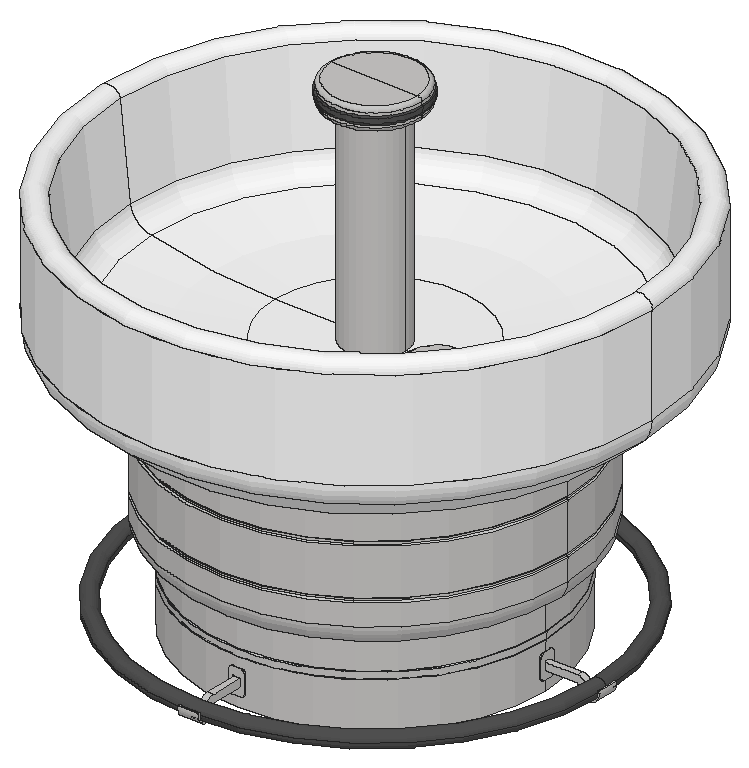
Revit family "Washfountain_Lavatory-Bradley_Corp-WF2605-Type_B_Drain", category Plumbing Fixtures, Revit 2012
Parameters (values of type "Juvenile")
  Width = 36.000"
  Warranty Information = ""
  WFU = 0
  Voltage = 110 V
  Version = "2.0"
  Vent Radius = Vent / 2  # 3/4"
  Vent Height [instance] = if(and(Sensor Module, Soap Dispenser, Towel Dispenser, Model ID = 2), 69.313", if(and(Sensor Module, Soap Dispenser, No Towel Dispenser, Model ID = 2), 47.625", if(and(Sensor Module, No Soap Dispenser, No Towel Dispenser, Model ID = 2), 39.125", if(and(Sensor Module, No Soap Dispenser, Towel Dispenser, Model ID = 2), 69.313", if(and(No Sensor Module, No Soap Dispenser, No Towel Dispenser, Model ID = 2), 35.625", if(and(No Sensor Module, No Soap Dispenser, Towel Dispenser, Model ID = 2), 65.813", if(and(No Sensor Module, Soap Dispenser, No Towel Dispenser, Model ID = 2), 44.125", if(and(No Sensor Module, Soap Dispenser, Towel Dispenser, Model ID = 2), 65.813", if(and(Sensor Module, Soap Dispenser, Towel Dispenser, Model ID = 1), 65.313", if(and(Sensor Module, Soap Dispenser, No Towel Dispenser, Model ID = 1), 43.625", if(and(Sensor Module, No Soap Dispenser, No Towel Dispenser, Model ID = 1), 35.125", if(and(Sensor Module, No Soap Dispenser, Towel Dispenser, Model ID = 1), 69.313", if(and(No Sensor Module, No Soap Dispenser, No Towel Dispenser, Model ID = 1), 31.625", if(and(No Sensor Module, No Soap Dispenser, Towel Dispenser, Model ID = 1), 61.813", if(and(No Sensor Module, Soap Dispenser, No Towel Dispenser, Model ID = 1), 40.125", 61.813")))))))))))))))  # 31.625"
  Vent = 1 1/2"
  URL = "http://www.bradleycorp.com/"
  Towel Dispenser Holder [instance] = if((Soap Dispenser), 5.375", 13.875")  # 13.875"
  Towel Dispenser Height [instance] = if(and(Soap Dispenser, Sensor Module, Model ID = 2), 53.000", if(and(No Soap Dispenser, Sensor Module, Model ID = 2), 53.000", if(and(Soap Dispenser, No Sensor Module, Model ID = 2), 49.500", if(and(No Soap Dispenser, No Sensor Module, Model ID = 2), 49.500", if(and(Soap Dispenser, Sensor Module, Model ID = 1), 49.000", if(and(No Soap Dispenser, Sensor Module, Model ID = 1), 49.000", if(and(Soap Dispenser, No Sensor Module, Model ID = 1), 45.500", 45.500")))))))  # 45.500"
  TouchTime® Control [instance] = no
  Technical Data = ""
  Standard Height = Model ID = 2  # no
  Spray Head Height = 31.625"
  Specifications URL = "http://www.bradleycorp.com/3partspec"
  Soap Dispenser Holder [instance] = 2.500"  # constant formula
  Soap Dispenser Height [instance] = if(and(No Sensor Module, Model ID = 2), 44.125", if(and(Sensor Module, Model ID = 2), 47.625", if(and(No Sensor Module, Model ID = 1), 40.125", 43.625")))  # 40.125"
  Sensor Module Height = 35.125"
  Sensor Module [instance] = or(not(Foot Control Valve), TouchTime® Control, Air Valve Hand Control, Adaptive Infrared Activation Control)  # no
  Rim Height = 25.250"
  Product Tech Data URL - Spanish = ""
  Product Tech Data URL - French = ""
  Product Tech Data URL - English = "http://bradleycorp.com/download/1843/2019.pdf"
  Pedestal Material = Metal - Bradley Corp - Stainless Steel - Satin
  Pedestal Height = 15.000"
  Operating Water Pressure Range = "20 - 80 PSI"
  OmniClass Table 23 Title = "Sinks/Lavatories"
  OmniClass Table 23 Number = "23-31 13 00"
  OmniClass Table 21 Title = "Plumbing Fixtures"
  OmniClass Table 21 Number = "21-04 20 10 60"
  No Towel Dispenser [instance] = not(Towel Dispenser)  # yes
  No Soap Dispenser [instance] = not(Soap Dispenser)  # yes
  No Sensor Module [instance] = not(Sensor Module)  # yes
  Modeling Code = ""
  Model ID = 1
  Model = "WF2605"
  Material Note = "Other Terrazzo colors available - See www.bradleycorp.com"
  MasterFormat Title = "Commercial Lavatories and Sinks"
  MasterFormat Number = "22 42 16"
  Manufacturer = "Bradley Corp"
  Juvenile Height = Model ID = 1  # yes
  Industry Standards = "ANSI Z124.3, Z124.6 and ANSI/ICPA SS-1-2001"
  Hot Lavatory Inlet Radius = Hot Lavatory Inlet / 2  # 1/4"
  Hot Lavatory Inlet = 1/2"
  HWFU = 0
  Frequency = 50 Hz
  Foot Control Valve [instance] = not(or(TouchTime® Control, Air Valve Hand Control, Adaptive Infrared Activation Control))  # yes
  Flow Rate = 2.0 GPM
  Fire Rating = "n/a"
  Drain Radius = Drain / 2  # 1"
  Drain = 2"
  Description = "Washfountain, 36\" Circular with 9\" Deep Bowl"
  Copyright = "This Model Data is Property of Bradley Corporation"
  Cold Lavatory Inlet Radius = Cold Lavatory Inlet / 2  # 1/4"
  Cold Lavatory Inlet = 1/2"
  CWFU = 0
  Buy American Act = "No"
  Button Visibility [instance] = or(TouchTime® Control, Air Valve Hand Control)  # no
  Bowl Material [instance] = Stone - Bradley Corp - White Marmorite
  Assembly Code = "D2010300"
  Air Valve Hand Control [instance] = no
  Adaptive Infrared Activation Control [instance] = no
  ADA Compliant = "Yes"
  Soap Dispenser [instance] = no
  Towel Dispenser [instance] = no
Reference planes (in)
  plane 1 "Center (Front/Back)": y = 0
  plane 2: z = 0
  plane 3 "Center (Left/Right)": x = 0
  plane 4 "Towel Dispenser": z = 45.5
  plane 5 "Soap Dispenser": z = 40.125
  plane 6 "Spray Head": z = 31.625
  plane 7 "Rim Height": z = 25.25
  plane 8 "Pedestal Height": z = 15
  plane 9 "Sensor Module": z = 35.125
  plane 10: z = 34.125
  plane 11: x = -18
  plane 12: x = 18
  plane 13: y = -18
  plane 14: y = 18
Forms (in)
  Revolve 1, solid, material "Metal - Bradley Corp - Stainless Steel - Satin" <- "Pedestal Material", visible <- "Juvenile Height", detail levels medium+fine
    sketch origin (-27, 0, 15) x (1, 0, 0) y (0, 0, 1)
      loop
        line (15.87417, -15) -> (27, -15) -> (27, -0.00013) -> (14.47131, -0.00013) -> (14.47131, -3.20448) -> (14.5585, -3.29168) -> (14.5585, -3.41498) -> (14.47131, -3.50217) -> (14.47131, -6.50912) -> (14.5585, -6.59631) -> (14.5585, -6.71962) -> (14.47131, -6.80681) -> (14.47131, -8.19729)
        arc (14.47131, -8.19729) -> (14.8822, -9.18927) -> (15.87417, -9.60015) r 1.40286
        line (15.87417, -9.60015) -> (15.87417, -11.547) -> (15.83845, -11.59351) -> (15.83845, -12.00036) -> (15.87417, -12.047) -> (15.87417, -15)
      axis (27, -15) -> (27, -0.00013)
    angle from 0 to 360
  Revolve 2, solid, material "Stone - Bradley Corp - White Marmorite" <- "Bowl Material", detail levels medium+fine
    sketch origin (-24.13744, 0, 25.25) x (-1, 0, 0) y (0, 0, -1)
      loop
        line (-6.13744, 0.75008) -> (-6.13744, 7.17157)
        arc (-6.13744, 7.17157) -> (-6.28968, 7.93694) -> (-6.72322, 8.58579) r 2
        line (-6.72322, 8.58579) -> (-8.69944, 10.25) -> (-22.13744, 10.25) -> (-22.13744, 8.688) -> (-17.63744, 8.688)
        arc (-17.63744, 8.688) -> (-13.61835, 8.45982) -> (-9.65091, 7.7782) r 35.50887
        arc (-9.65091, 7.7782) -> (-8.71636, 7.35965) -> (-8.26814, 6.43895) r 1.5
        line (-8.26814, 6.43895) -> (-7.62105, 0.59415)
        arc (-7.62105, 0.59415) -> (-6.80904, 0.00419) -> (-6.13744, 0.75008) r 0.75
      axis (-24.13744, 0.59415) -> (-24.13744, 10.25)
    angle from 0 to 360
  Revolve 3, solid, material "Metal - Bradley Corp - Stainless Steel - Satin" <- "Pedestal Material", visible <- "Standard Height", detail levels medium+fine
    sketch origin (-27, 0, 15) x (1, 0, 0) y (0, 0, 1)
      loop
        line (14.47131, -4.10731) -> (14.58179, -4.21779) -> (14.58179, -4.37404) -> (14.47131, -4.48453) -> (14.47131, -8.29481) -> (14.58179, -8.40529) -> (14.58179, -8.56154) -> (14.47131, -8.67203) -> (14.47131, -10.73243)
        arc (14.47131, -10.73243) -> (14.87684, -11.75818) -> (15.87417, -12.22929) r 1.5
        line (15.87417, -12.22929) -> (15.87417, -15.547) -> (15.83845, -15.59351) -> (15.83845, -16.00049) -> (15.87417, -16.047) -> (15.87417, -19) -> (27, -19) -> (27, -0.00013) -> (14.47131, -0.00013) -> (14.47131, -4.10731)
      axis (27, -0.00013) -> (27, -19)
    angle from 0 to 360
  Revolve 4, solid, material "Metal - Bradley Corp - Stainless Steel - Polished", detail levels fine
    sketch origin (-1.5, 0, 36.188) x (1, 0, 0) y (0, 0, 1)
      loop
        arc (-1.285, -4.56348) -> (-1.46178, -4.6367) -> (-1.535, -4.81348) r 0.25
        line (-1.535, -4.81348) -> (-1.535, -5.00848)
        arc (-1.535, -5.00848) -> (-1.60129, -5.03594) -> (-1.62875, -5.10223) r 0.09375
        line (-1.62875, -5.10223) -> (-1.62875, -5.41473)
        arc (-1.62875, -5.41473) -> (-1.60129, -5.48102) -> (-1.535, -5.50848) r 0.09375
        line (-1.535, -5.50848) -> (-1.535, -5.70348)
        arc (-1.535, -5.70348) -> (-1.46178, -5.88026) -> (-1.285, -5.95348) r 0.25
        line (-1.285, -5.95348) -> (-0.5, -5.95348) -> (-0.5, -21.188) -> (1.5, -21.188) -> (1.5, -4.56348) -> (-1.285, -4.56348)
      axis (1.5, -4.56348) -> (1.5, -21.188)
    angle from 0 to 360
  Revolve 5, solid, material "Metal - Bradley Corp - Stainless Steel - Polished", visible <- "Soap Dispenser", detail levels fine
    sketch origin (-27, 0, 40.125) x (1, 0, 0) y (0, 0, 1)
      loop
        line (20.98592, -1.64235) -> (21.01699, -1.64235) -> (21.01699, -2.89235) -> (21.06961, -2.89235) -> (21.06961, -4.14235) -> (21.12223, -4.14235) -> (21.12223, -5.39235) -> (21.19, -5.39235) -> (21.19, -6) -> (27, -6) -> (27, -5.75235) -> (27, 0.00086) -> (22.86016, 0.00086)
        arc (22.86016, 0.00086) -> (21.84739, -0.11897) -> (20.86029, -0.37529) r 7.48917
        line (20.86029, -0.37529) -> (20.86029, -1.00047) -> (20.98592, -1.00047) -> (20.98592, -1.64235)
      axis (27, 0.00086) -> (27, -6)
    angle from 0 to 360
  Extrusion 6, solid, material "Metal - Bradley Corp - Stainless Steel - Polished", visible <- "Towel Dispenser"
    sketch origin (0, 0, 0) x (1, 0, 0) y (0, 1, 0)
      loop
        circle (0, 0) r 2
    from 31.625 to 61.81283
  Extrusion 7, solid, material "Metal - Bradley Corp - Stainless Steel - Polished", visible <- "Towel Dispenser"
    sketch origin (0, -3.64603, -2.35417) x (0, 1, 0) y (0, 0, 1)
      loop
        line (10.89603, 49.22917) -> (10.89603, 62.4795) -> (6.89603, 63.167) -> (6.89603, 47.85417) -> (8.64603, 47.85417) -> (10.89603, 49.22917)
    from -5.5 to 5.5
  Extrusion 8, solid, material "Metal - Bradley Corp - Stainless Steel - Polished", visible <- "Towel Dispenser"
    sketch origin (3.15756, 1.82302, -2.35417) x (-0.866025, -0.5, 0) y (0, 0, 1)
      loop
        line (10.89603, 49.22917) -> (10.89603, 62.4795) -> (6.89603, 63.167) -> (6.89603, 47.85417) -> (8.64603, 47.85417) -> (10.89603, 49.22917)
    from -5.5 to 5.5
  Extrusion 9, solid, material "Metal - Bradley Corp - Stainless Steel - Polished", visible <- "Towel Dispenser"
    sketch origin (-3.15756, 1.82302, -2.35417) x (0.866025, -0.5, 0) y (0, 0, 1)
      loop
        line (10.89603, 49.22917) -> (10.89603, 62.4795) -> (6.89603, 63.167) -> (6.89603, 47.85417) -> (8.64603, 47.85417) -> (10.89603, 49.22917)
    from -5.5 to 5.5
  Revolve 10, solid, material "Stone - Bradley Corp - White Marmorite" <- "Bowl Material", detail levels coarse
    sketch origin (-24.13744, 0, 25.25) x (-1, 0, 0) y (0, 0, -1)
      loop
        line (-6.13744, 0) -> (-6.13744, 10.25) -> (-22.13744, 10.25) -> (-22.13744, 8.688) -> (-17.47542, 8.688) -> (-8.39355, 7.63199) -> (-7.5586, 0) -> (-6.13744, 0)
      axis (-24.13744, 0) -> (-24.13744, 10.25)
    angle from 0 to 360
  Revolve 11, solid, material "Metal - Bradley Corp - Stainless Steel - Satin" <- "Pedestal Material", visible <- "Juvenile Height", detail levels coarse
    sketch origin (-27, 0, 15) x (1, 0, 0) y (0, 0, 1)
      loop
        line (14.47131, 0) -> (14.47131, -9.60015) -> (15.87417, -9.60015) -> (15.87417, -15) -> (27, -15) -> (27, 0) -> (14.47131, 0)
      axis (27, 0) -> (27, -15)
    angle from 0 to 360
  Revolve 12, solid, material "Metal - Bradley Corp - Stainless Steel - Polished", visible <- "Soap Dispenser", detail levels coarse+medium
    sketch origin (0, 0, 0) x (1, 0, 0) y (0, 0, 1)
      loop
        line (0, 34.125) -> (0, 39.12453) -> (-6.13971, 39.12453) -> (-5.81, 34.125) -> (0, 34.125)
      axis (0, 39.12453) -> (0, 34.125)
    angle from 0 to 360
  Revolve 13, solid, material "Metal - Bradley Corp - Stainless Steel - Polished", detail levels coarse+medium
    sketch origin (-1.5, 0, 36.188) x (1, 0, 0) y (0, 0, 1)
      loop
        line (-1.62875, -5.50848) -> (-1.285, -5.95348) -> (-0.5, -5.95348) -> (-0.5, -21.188) -> (1.5, -21.188) -> (1.5, -4.56348) -> (-1.285, -4.56348) -> (-1.62875, -5.00848) -> (-1.62875, -5.50848)
      axis (1.5, -4.56348) -> (1.5, -21.188)
    angle from 0 to 360
  Revolve 14, solid, material "Metal - Bradley Corp - Stainless Steel - Polished", visible <- "Sensor Module", detail levels fine
    sketch origin (-1.5, 0, 35.125) x (1, 0, 0) y (0, 0, 1)
      loop
        line (-2.99987, -0.56541) -> (-2.99987, -1.98683)
        arc (-2.99987, -1.98683) -> (-2.98063, -2.08301) -> (-2.92587, -2.16439) r 0.25
        line (-2.92587, -2.16439) -> (-2.32309, -2.76716)
        arc (-2.32309, -2.76716) -> (-2.24199, -2.82135) -> (-2.14632, -2.84038) r 0.25
        line (-2.14632, -2.84038) -> (-0.5, -2.84038) -> (-0.5, -3.5) -> (1.5, -3.5) -> (1.5, 0) -> (-0.60282, 0)
        arc (-0.60282, 0) -> (-1.78099, -0.0858) -> (-2.95612, -0.2063) r 40.06
        arc (-2.95612, -0.2063) -> (-3.04124, -0.251) -> (-3.07537, -0.34072) r 0.135
        line (-3.07537, -0.34072) -> (-3.07537, -0.56541) -> (-2.99987, -0.56541)
      axis (1.5, 0) -> (1.5, -3.5)
    angle from 0 to 360
  Revolve 15, solid, material "Metal - Bradley Corp - Stainless Steel - Polished", visible <- "Sensor Module", detail levels coarse+medium
    sketch origin (-1.5, 0, 35.125) x (1, 0, 0) y (0, 0, 1)
      loop
        line (1.5, 0) -> (-3.07537, 0) -> (-3.07537, -2.01488) -> (-2.24987, -2.84038) -> (-0.5, -2.84038) -> (-0.5, -3.5) -> (1.5, -3.5) -> (1.5, 0)
      axis (1.5, 0) -> (1.5, -3.5)
    angle from 0 to 360
  Extrusion 16, solid, material "Metal - Bradley Corp - Stainless Steel - Polished", visible <- "Soap Dispenser"
    sketch origin (0, 0, 40.125) x (-1, 0, 0) y (0, -1, 0)
      loop
        circle (0, 0) r 2
    from -8.5 to -6
  Revolve 17, solid, material "Metal - Bradley Corp - Stainless Steel - Satin" <- "Pedestal Material", visible <- "Standard Height", detail levels coarse
    sketch origin (-27, 0, 15) x (1, 0, 0) y (0, 0, 1)
      loop
        line (14.47131, 0) -> (14.47131, -12.22916) -> (15.87417, -12.22916) -> (15.87417, -19) -> (27, -19) -> (27, 0) -> (14.47131, 0)
      axis (27, 0) -> (27, -19)
    angle from 0 to 360
  Extrusion 18, solid, material "Metal - Bradley Corp - Stainless Steel - Polished", visible <- "Towel Dispenser"
    sketch origin (0, 0, 45.5) x (-1, 0, 0) y (0, -1, 0)
      loop
        line (0.06458, 6.38814) -> (-0.06458, 6.38814) -> (-5.56458, -3.13814) -> (-5.5, -3.25) -> (5.5, -3.25) -> (5.56458, -3.13814) -> (0.06458, 6.38814)
      loop
        circle (0, 0) r 2
    from 14.62533 to 14.12533
  Extrusion 19, solid, material "Metal - Bradley Corp - Stainless Steel - Polished", visible <- "Towel Dispenser"
    sketch origin (0, 0, 45.5) x (-1, 0, 0) y (0, -1, 0)
      loop
        line (5.56458, -3.13814) -> (0.06458, 6.38814) -> (-0.06458, 6.38814) -> (-5.56458, -3.13814) -> (-5.5, -3.25) -> (5.5, -3.25) -> (5.56458, -3.13814)
      loop
        circle (0, 0) r 2
    from 1.07859 to 1.57859
  Sweep 20, solid, material "Plastic - Bradley Corp - Black", visible <- "Foot Control Valve"
    path in 3D
      loop
        arc (-14.513, 0, 0) -> (0, -14.513, 0) -> (14.513, 0, 0) r 14.513
        arc (14.513, 0, 0) -> (0, 14.513, 0) -> (-14.513, 0, 0) r 14.513
    profile origin (0, 14.513, 0) x (0, -1, 0) y (0, 0, 1)
      loop
        circle (0, 1.425) r 0.5
  Extrusion 21, solid, material "Metal - Bradley Corp - Stainless Steel - Satin", visible <- "Foot Control Valve"
    sketch origin (0, 0, 0) x (1, 0, 0) y (0, 0, 1)
      loop
        arc (-14.99607, 1.55401) -> (-15.03147, 1.61522) -> (-15.09268, 1.57982) r 0.05
        arc (-15.09268, 1.57982) -> (-14.52672, 0.82516) -> (-13.92685, 1.55315) r 0.6
        arc (-13.92685, 1.55315) -> (-13.98637, 1.59132) -> (-14.02454, 1.53179) r 0.05
        arc (-14.02454, 1.53179) -> (-14.52443, 0.92513) -> (-14.99607, 1.55401) r 0.5
    from -0.67078 to 0.67078
  Extrusion 22, solid, material "Metal - Bradley Corp - Stainless Steel - Satin", visible <- "Foot Control Valve"
    sketch origin (0, 0, 0) x (1, 0, 0) y (0, 0, 1)
      loop
        line (-11.12583, 1.26722) -> (-11.12583, 1.76722) -> (-13.31961, 1.76722)
        arc (-13.31961, 1.76722) -> (-13.66211, 1.67554) -> (-13.913, 1.425) r 0.68556
        arc (-13.913, 1.425) -> (-14.08874, 1.00074) -> (-14.513, 0.825) r 0.6
        arc (-14.513, 0.825) -> (-13.93667, 0.87324) -> (-13.46086, 1.202) r 1.12245
        arc (-13.46086, 1.202) -> (-13.3974, 1.25013) -> (-13.31961, 1.26722) r 0.18556
        line (-13.31961, 1.26722) -> (-11.12583, 1.26722)
    from -0.19715 to 0.18501
  Extrusion 23, solid, material "Metal - Bradley Corp - Stainless Steel - Satin", visible <- "Foot Control Valve"
    sketch origin (0, 0, 0) x (0, 1, 0) y (0, 0, 1)
      loop
        line (0.25316, 2.33562) -> (-0.24684, 2.33562)
        arc (-0.24684, 2.33562) -> (-0.42362, 2.2624) -> (-0.49684, 2.08562) r 0.25
        line (-0.49684, 2.08562) -> (-0.49684, 0.96062)
        arc (-0.49684, 0.96062) -> (-0.42362, 0.78385) -> (-0.24684, 0.71062) r 0.25
        line (-0.24684, 0.71062) -> (0.25316, 0.71062)
        arc (0.25316, 0.71062) -> (0.42994, 0.78385) -> (0.50316, 0.96062) r 0.25
        line (0.50316, 0.96062) -> (0.50316, 2.08562)
        arc (0.50316, 2.08562) -> (0.42994, 2.2624) -> (0.25316, 2.33562) r 0.25
      loop
        line (0.2403, 1.22902) -> (0.2403, 1.81722) -> (-0.2403, 1.81722) -> (-0.2403, 1.22902) -> (0.2403, 1.22902)
    from 11.12583 to 11.19421
  Extrusion 24, solid, material "Metal - Bradley Corp - Stainless Steel - Satin", visible <- "Foot Control Valve"
    sketch origin (0, 27, 18.797) x (0, -1, 0) y (0, 0, 1)
      loop
        arc (12.00393, -17.24299) -> (11.96853, -17.18178) -> (11.90732, -17.21718) r 0.05
        arc (11.90732, -17.21718) -> (12.47328, -17.97184) -> (13.07315, -17.24385) r 0.6
        arc (13.07315, -17.24385) -> (13.01363, -17.20568) -> (12.97546, -17.26521) r 0.05
        arc (12.97546, -17.26521) -> (12.47557, -17.87187) -> (12.00393, -17.24299) r 0.5
    from -0.67078 to 0.67078
  Extrusion 25, solid, material "Metal - Bradley Corp - Stainless Steel - Satin", visible <- "Foot Control Valve"
    sketch origin (0, 27, 18.797) x (0, -1, 0) y (0, 0, 1)
      loop
        line (15.87417, -17.52978) -> (15.87417, -17.02978) -> (13.68039, -17.02978)
        arc (13.68039, -17.02978) -> (13.33789, -17.12146) -> (13.087, -17.372) r 0.68556
        arc (13.087, -17.372) -> (12.91126, -17.79626) -> (12.487, -17.972) r 0.6
        arc (12.487, -17.972) -> (13.06333, -17.92376) -> (13.53914, -17.595) r 1.12245
        arc (13.53914, -17.595) -> (13.6026, -17.54687) -> (13.68039, -17.52978) r 0.18556
        line (13.68039, -17.52978) -> (15.87417, -17.52978)
    from -0.19715 to 0.18501
  Extrusion 26, solid, material "Metal - Bradley Corp - Stainless Steel - Satin", visible <- "Foot Control Valve"
    sketch origin (0, 0, 47.859) x (-1, 0, 0) y (0, 0, 1)
      loop
        arc (-0.25316, -45.52338) -> (-0.42994, -45.5966) -> (-0.50316, -45.77338) r 0.25
        line (-0.50316, -45.77338) -> (-0.50316, -46.89838)
        arc (-0.50316, -46.89838) -> (-0.42994, -47.07515) -> (-0.25316, -47.14838) r 0.25
        line (-0.25316, -47.14838) -> (0.24684, -47.14838)
        arc (0.24684, -47.14838) -> (0.42362, -47.07515) -> (0.49684, -46.89838) r 0.25
        line (0.49684, -46.89838) -> (0.49684, -45.77338)
        arc (0.49684, -45.77338) -> (0.42362, -45.5966) -> (0.24684, -45.52338) r 0.25
        line (0.24684, -45.52338) -> (-0.25316, -45.52338)
      loop
        line (-0.2403, -46.62998) -> (0.2403, -46.62998) -> (0.2403, -46.04178) -> (-0.2403, -46.04178) -> (-0.2403, -46.62998)
    from 11.12583 to 11.19421
  Extrusion 27, solid, material "Metal - Bradley Corp - Stainless Steel - Satin", visible <- "Foot Control Valve"
    sketch origin (27, 0, 18.797) x (-1, 0, 0) y (0, 0, 1)
      loop
        arc (12.00393, -17.24299) -> (11.96853, -17.18178) -> (11.90732, -17.21718) r 0.05
        arc (11.90732, -17.21718) -> (12.47328, -17.97184) -> (13.07315, -17.24385) r 0.6
        arc (13.07315, -17.24385) -> (13.01363, -17.20568) -> (12.97546, -17.26521) r 0.05
        arc (12.97546, -17.26521) -> (12.47557, -17.87187) -> (12.00393, -17.24299) r 0.5
    from -0.67078 to 0.67078
  Extrusion 28, solid, material "Metal - Bradley Corp - Stainless Steel - Satin", visible <- "Foot Control Valve"
    sketch origin (27, 0, 18.797) x (-1, 0, 0) y (0, 0, 1)
      loop
        line (15.87417, -17.52978) -> (15.87417, -17.02978) -> (13.68039, -17.02978)
        arc (13.68039, -17.02978) -> (13.33789, -17.12146) -> (13.087, -17.372) r 0.68556
        arc (13.087, -17.372) -> (12.91126, -17.79626) -> (12.487, -17.972) r 0.6
        arc (12.487, -17.972) -> (13.06333, -17.92376) -> (13.53914, -17.595) r 1.12245
        arc (13.53914, -17.595) -> (13.6026, -17.54687) -> (13.68039, -17.52978) r 0.18556
        line (13.68039, -17.52978) -> (15.87417, -17.52978)
    from -0.19715 to 0.18501
  Extrusion 29, solid, material "Metal - Bradley Corp - Stainless Steel - Satin", visible <- "Foot Control Valve"
    sketch origin (0, 0, 47.859) x (0, 1, 0) y (0, 0, 1)
      loop
        arc (-0.25316, -45.52338) -> (-0.42994, -45.5966) -> (-0.50316, -45.77338) r 0.25
        line (-0.50316, -45.77338) -> (-0.50316, -46.89838)
        arc (-0.50316, -46.89838) -> (-0.42994, -47.07515) -> (-0.25316, -47.14838) r 0.25
        line (-0.25316, -47.14838) -> (0.24684, -47.14838)
        arc (0.24684, -47.14838) -> (0.42362, -47.07515) -> (0.49684, -46.89838) r 0.25
        line (0.49684, -46.89838) -> (0.49684, -45.77338)
        arc (0.49684, -45.77338) -> (0.42362, -45.5966) -> (0.24684, -45.52338) r 0.25
        line (0.24684, -45.52338) -> (-0.25316, -45.52338)
      loop
        line (-0.2403, -46.62998) -> (0.2403, -46.62998) -> (0.2403, -46.04178) -> (-0.2403, -46.04178) -> (-0.2403, -46.62998)
    from 11.12583 to 11.19421
  Extrusion 30, solid, material "Metal - Bradley Corp - Stainless Steel - Satin", visible <- "Foot Control Valve"
    sketch origin (0, -27, 18.797) x (0, 1, 0) y (0, 0, 1)
      loop
        arc (12.00393, -17.24299) -> (11.96853, -17.18178) -> (11.90732, -17.21718) r 0.05
        arc (11.90732, -17.21718) -> (12.47328, -17.97184) -> (13.07315, -17.24385) r 0.6
        arc (13.07315, -17.24385) -> (13.01363, -17.20568) -> (12.97546, -17.26521) r 0.05
        arc (12.97546, -17.26521) -> (12.47557, -17.87187) -> (12.00393, -17.24299) r 0.5
    from -0.67078 to 0.67078
  Extrusion 31, solid, material "Metal - Bradley Corp - Stainless Steel - Satin", visible <- "Foot Control Valve"
    sketch origin (0, -27, 18.797) x (0, 1, 0) y (0, 0, 1)
      loop
        line (15.87417, -17.52978) -> (15.87417, -17.02978) -> (13.68039, -17.02978)
        arc (13.68039, -17.02978) -> (13.33789, -17.12146) -> (13.087, -17.372) r 0.68556
        arc (13.087, -17.372) -> (12.91126, -17.79626) -> (12.487, -17.972) r 0.6
        arc (12.487, -17.972) -> (13.06333, -17.92376) -> (13.53914, -17.595) r 1.12245
        arc (13.53914, -17.595) -> (13.6026, -17.54687) -> (13.68039, -17.52978) r 0.18556
        line (13.68039, -17.52978) -> (15.87417, -17.52978)
    from -0.19715 to 0.18501
  Extrusion 32, solid, material "Metal - Bradley Corp - Stainless Steel - Satin", visible <- "Foot Control Valve"
    sketch origin (0, 0, 47.859) x (1, 0, 0) y (0, 0, 1)
      loop
        arc (-0.25316, -45.52338) -> (-0.42994, -45.5966) -> (-0.50316, -45.77338) r 0.25
        line (-0.50316, -45.77338) -> (-0.50316, -46.89838)
        arc (-0.50316, -46.89838) -> (-0.42994, -47.07515) -> (-0.25316, -47.14838) r 0.25
        line (-0.25316, -47.14838) -> (0.24684, -47.14838)
        arc (0.24684, -47.14838) -> (0.42362, -47.07515) -> (0.49684, -46.89838) r 0.25
        line (0.49684, -46.89838) -> (0.49684, -45.77338)
        arc (0.49684, -45.77338) -> (0.42362, -45.5966) -> (0.24684, -45.52338) r 0.25
        line (0.24684, -45.52338) -> (-0.25316, -45.52338)
      loop
        line (-0.2403, -46.62998) -> (0.2403, -46.62998) -> (0.2403, -46.04178) -> (-0.2403, -46.04178) -> (-0.2403, -46.62998)
    from 11.12583 to 11.19421
  Extrusion 33, solid, material "Metal - Bradley Corp - Stainless Steel - Satin", visible <- "Foot Control Valve"
    sketch origin (0, 0, 47.859) x (0, 1, 0) y (0, 0, 1)
      loop
        arc (-0.25316, -45.52338) -> (-0.42994, -45.5966) -> (-0.50316, -45.77338) r 0.25
        line (-0.50316, -45.77338) -> (-0.50316, -46.89838)
        arc (-0.50316, -46.89838) -> (-0.42994, -47.07515) -> (-0.25316, -47.14838) r 0.25
        line (-0.25316, -47.14838) -> (0.24684, -47.14838)
        arc (0.24684, -47.14838) -> (0.42362, -47.07515) -> (0.49684, -46.89838) r 0.25
        line (0.49684, -46.89838) -> (0.49684, -45.77338)
        arc (0.49684, -45.77338) -> (0.42362, -45.5966) -> (0.24684, -45.52338) r 0.25
        line (0.24684, -45.52338) -> (-0.25316, -45.52338)
      loop
        line (-0.2403, -46.62998) -> (0.2403, -46.62998) -> (0.2403, -46.04178) -> (-0.2403, -46.04178) -> (-0.2403, -46.62998)
    from -11.12583 to -11.21099
  Extrusion 34, void
    sketch origin (0, 0, 15) x (-1, 0, 0) y (0, -1, 0)
      loop
        circle (-4, 0) r 1.75
    from 0 to 10.25
  Extrusion 35, solid, material "Metal - Bradley Corp - Stainless Steel - Polished", detail levels medium+fine
    sketch origin (0, 0, 15) x (-1, 0, 0) y (0, -1, 0)
      loop
        circle (-4, 0) r 1.75
      loop
        circle (-4, 0) r 0.1842
      loop
        circle (-4, -0.87771) r 0.1842
      loop
        circle (-3.12229, 0) r 0.1842
      loop
        circle (-4, 0.87771) r 0.1842
      loop
        circle (-4.87771, 0) r 0.1842
      loop
        circle (-4.62063, -0.62063) r 0.1842
      loop
        circle (-3.37937, -0.62063) r 0.1842
      loop
        circle (-3.37937, 0.62063) r 0.1842
      loop
        circle (-4.62063, 0.62063) r 0.1842
    from 1.47707 to 1.59297
  Extrusion 36, solid, material "Default", not visible, detail levels medium+fine
    sketch origin (0, 0, 0) x (1, 0, 0) y (0, 1, 0)
      loop
        circle (0, 0) r 0.75
      loop
        circle (-0.875, 1.25) r 0.25
      loop
        circle (0.875, 1.25) r 0.25
    from 0 to 31.625
  Extrusion 37, solid, material "Default", not visible, detail levels medium+fine
    sketch origin (0, 0, 0) x (1, 0, 0) y (0, 1, 0)
      loop
        circle (-4, 0) r 1
      loop
        line (-1, 5.5) -> (-1, 4.5) -> (1, 4.5) -> (1, 5.5) -> (-1, 5.5)
    from 0 to 2.99998
  Revolve 38, solid, material "Plastic - Bradley Corp - Black", visible <- "Soap Dispenser", detail levels coarse+medium
    sketch origin (-27, 0, 40.125) x (1, 0, 0) y (0, 0, 1)
      loop
        line (20.79431, 0) -> (20.86029, -1.00047) -> (27, -1.00047) -> (27, 0) -> (20.79431, 0)
      axis (27, 0) -> (27, -1.00047)
    angle from 0 to 360
  Extrusion 39, solid, material "Metal - Bradley Corp - Stainless Steel - Polished", visible <- "Button Visibility"
    sketch origin (-1.5, 0, 35.125) x (1, 0, 0) y (0, 0, 1)
      loop
        circle (1.5, -1.3649) r 0.5
    from 4.57537 to 4.97537
  Extrusion 40, solid, material "Metal - Bradley Corp - Stainless Steel - Polished", visible <- "Button Visibility"
    sketch origin (-1.5, 0, 35.125) x (1, 0, 0) y (0, 0, 1)
      loop
        circle (1.5, -1.3649) r 0.5
    from -4.97537 to -4.57537
  Extrusion 41, solid, material "Metal - Bradley Corp - Stainless Steel - Polished", visible <- "Button Visibility", detail levels fine
    sketch origin (-1.5, 0, 35.125) x (1, 0, 0) y (0, 0, 1)
      loop
        circle (1.5, -1.3649) r 0.25
    from 4.49987 to 4.57537
  Extrusion 42, solid, material "Metal - Bradley Corp - Stainless Steel - Polished", visible <- "Button Visibility", detail levels fine
    sketch origin (-1.5, 0, 35.125) x (1, 0, 0) y (0, 0, 1)
      loop
        circle (1.5, -1.3649) r 0.25
    from -4.57537 to -4.49987
Cuts and joins
  joined: Extrusion 21, Extrusion 22
  Extrusion 34 cuts Revolve 10
  Extrusion 34 cuts Revolve 2
Lines and regions (in)
  Masking region 1, detail levels coarse
    outline origin (-24.13744, 0, 25.25) x (-1, 0, 0) y (0, 0, -1)
      loop
        line (-6.13744, 0) -> (-6.13744, 10.25) -> (-42.13744, 10.25) -> (-42.13744, 0) -> (-6.13744, 0)
  Masking region 2, detail levels medium+fine
    outline origin (-24.13744, 0, 25.25) x (-1, 0, 0) y (0, 0, -1)
      loop
        arc (-6.88744, 0) -> (-6.35711, 0.21975) -> (-6.13744, 0.75008) r 0.75
        line (-6.13744, 0.75008) -> (-6.13744, 7.17157)
        arc (-6.13744, 7.17157) -> (-6.28968, 7.93694) -> (-6.72322, 8.58579) r 2
        line (-6.72322, 8.58579) -> (-8.69944, 10.25) -> (-39.57544, 10.25) -> (-41.55165, 8.58579)
        arc (-41.55165, 8.58579) -> (-41.98519, 7.93694) -> (-42.13744, 7.17157) r 2
        line (-42.13744, 7.17157) -> (-42.13744, 0.75008)
        arc (-42.13744, 0.75008) -> (-41.91777, 0.21975) -> (-41.38744, 0) r 0.75
        line (-41.38744, 0) -> (-6.88744, 0)
  Masking region 3, visible <- "Standard Height", detail levels medium+fine
    outline origin (-27, 0, 15) x (1, 0, 0) y (0, 0, 1)
      loop
        line (14.47131, 0) -> (14.47131, -4.10745) -> (14.58179, -4.21794) -> (14.58179, -4.37419) -> (14.47131, -4.48468) -> (14.47131, -8.29495) -> (14.58179, -8.40544) -> (14.58179, -8.56169) -> (14.47131, -8.67218) -> (14.47131, -10.73245)
        arc (14.47131, -10.73245) -> (14.87684, -11.7582) -> (15.87417, -12.22931) r 1.5
        line (15.87417, -12.22931) -> (15.87417, -15.54688) -> (15.83845, -15.59339) -> (15.83845, -16.00036) -> (15.87417, -16.04688) -> (15.87417, -19) -> (38.12583, -19) -> (38.12583, -16.04688) -> (38.16155, -16.00036) -> (38.16155, -15.59339) -> (38.12583, -15.54688) -> (38.12583, -12.22933)
        arc (38.12583, -12.22933) -> (39.12339, -11.75832) -> (39.52904, -10.73245) r 1.5
        line (39.52904, -10.73245) -> (39.52904, -8.67218) -> (39.41855, -8.56169) -> (39.41855, -8.40544) -> (39.52904, -8.29495) -> (39.52904, -4.48468) -> (39.41855, -4.37419) -> (39.41855, -4.21794) -> (39.52904, -4.10745) -> (39.52904, 0) -> (14.47131, 0)
  Masking region 4, visible <- "Standard Height", detail levels coarse
    outline origin (0, 0, 15) x (0, -1, 0) y (0, 0, 1)
      loop
        line (12.52869, 0) -> (-12.52869, 0) -> (-12.52869, -12.22916) -> (-11.12583, -12.22916) -> (-11.12583, -19) -> (11.12583, -19) -> (11.12583, -12.22916) -> (12.52869, -12.22916) -> (12.52869, 0)
  Masking region 5, visible <- "Standard Height", detail levels medium+fine
    outline origin (0, 0, 15) x (0, -1, 0) y (0, 0, 1)
      loop
        line (-12.52869, -4.10731) -> (-12.41821, -4.21779) -> (-12.41821, -4.37404) -> (-12.52869, -4.48453) -> (-12.52869, -8.29481) -> (-12.41821, -8.40529) -> (-12.41821, -8.56154) -> (-12.52869, -8.67203) -> (-12.52869, -10.73231)
        arc (-12.52869, -10.73231) -> (-12.12316, -11.75805) -> (-11.12583, -12.22916) r 1.5
        line (-11.12583, -12.22916) -> (-11.12583, -15.54688) -> (-11.16155, -15.59339) -> (-11.16155, -16.00036) -> (-11.12583, -16.04688) -> (-11.12583, -19) -> (11.12583, -19) -> (11.12583, -16.04687) -> (11.16155, -16.00036) -> (11.16155, -15.59339) -> (11.12583, -15.54687) -> (11.12583, -12.22916)
        arc (11.12583, -12.22916) -> (12.12316, -11.75805) -> (12.52869, -10.73231) r 1.5
        line (12.52869, -10.73231) -> (12.52869, -8.67203) -> (12.41821, -8.56154) -> (12.41821, -8.40529) -> (12.52869, -8.29481) -> (12.52869, -4.48453) -> (12.41821, -4.37404) -> (12.41821, -4.21779) -> (12.52869, -4.10731) -> (12.52869, 0) -> (-12.52869, 0) -> (-12.52869, -4.10731)
  Masking region 6, visible <- "Juvenile Height", detail levels coarse
    outline origin (0, 0, 14.79688) x (0, -1, 0) y (0, 0, -1)
      loop
        line (-12.52869, 4) -> (12.52869, 4) -> (12.52869, 9.60003) -> (11.12583, 9.60003) -> (11.12583, 14.79688) -> (-11.12583, 14.79688) -> (-11.12583, 9.60003) -> (-12.52869, 9.60003) -> (-12.52869, 4)
  Masking region 7, visible <- "Juvenile Height", detail levels medium+fine
    outline origin (0, 0, 14.79688) x (0, -1, 0) y (0, 0, -1)
      loop
        line (12.52869, -0.20312) -> (12.52869, 3.20436) -> (12.4415, 3.29155) -> (12.4415, 3.41486) -> (12.52869, 3.50205) -> (12.52869, 6.50899) -> (12.4415, 6.59619) -> (12.4415, 6.71949) -> (12.52869, 6.80668) -> (12.52869, 8.19717)
        arc (12.52869, 8.19717) -> (12.1178, 9.18914) -> (11.12583, 9.60003) r 1.40286
        line (11.12583, 9.60003) -> (11.12583, 11.54675) -> (11.16155, 11.59326) -> (11.16155, 12.00024) -> (11.12586, 12.04675) -> (11.12586, 14.79688) -> (-11.12586, 14.79688) -> (-11.12586, 12.04675) -> (-11.16155, 12.00024) -> (-11.16155, 11.59326) -> (-11.12583, 11.54675) -> (-11.12583, 9.60003)
        arc (-11.12583, 9.60003) -> (-12.1178, 9.18914) -> (-12.52869, 8.19717) r 1.40286
        line (-12.52869, 8.19717) -> (-12.52869, 6.80668) -> (-12.4415, 6.71949) -> (-12.4415, 6.59619) -> (-12.52869, 6.50899) -> (-12.52869, 3.50205) -> (-12.4415, 3.41486) -> (-12.4415, 3.29155) -> (-12.52869, 3.20436) -> (-12.52869, -0.20313) -> (12.52869, -0.20312)
  Masking region 8, detail levels coarse
    outline origin (0, 0, 25.25) x (0, -1, 0) y (0, 0, 1)
      loop
        line (-18, 0) -> (-18, -10.25) -> (18, -10.25) -> (18, 0) -> (-18, 0)
  Masking region 9, detail levels medium+fine
    outline origin (0, 0, 25.25) x (0, -1, 0) y (0, 0, 1)
      loop
        line (-15.43046, -10.25) -> (15.43046, -10.25) -> (17.41421, -8.58543)
        arc (17.41421, -8.58543) -> (17.84776, -7.93659) -> (18, -7.17122) r 2
        line (18, -7.17122) -> (18, -0.74972)
        arc (18, -0.74972) -> (17.78748, -0.22664) -> (17.27036, 0) r 0.75
        line (17.27036, 0) -> (-17.27036, 0)
        arc (-17.27036, 0) -> (-17.78748, -0.22664) -> (-18, -0.74972) r 0.75
        line (-18, -0.74972) -> (-18, -7.17122)
        arc (-18, -7.17122) -> (-17.84776, -7.93659) -> (-17.41421, -8.58543) r 2
        line (-17.41421, -8.58543) -> (-15.43046, -10.25)
  Masking region 10, visible <- "Soap Dispenser", detail levels fine
    outline origin (-27, 0, 40.125) x (1, 0, 0) y (0, 0, 1)
      loop
        line (20.98592, -1.64235) -> (21.01699, -1.64235) -> (21.01699, -2.89235) -> (21.06961, -2.89235) -> (21.06961, -4.14235) -> (21.12223, -4.14235) -> (21.12223, -5.39235) -> (21.19, -5.39235) -> (21.19, -6) -> (32.81, -6) -> (32.81, -5.39235) -> (32.87777, -5.39235) -> (32.87777, -4.14235) -> (32.93039, -4.14235) -> (32.93039, -2.89235) -> (32.98301, -2.89235) -> (32.98301, -1.64235) -> (33.01408, -1.64235) -> (33.01408, -1.00047) -> (33.13971, -1.00047) -> (33.13971, -0.37529)
        arc (33.13971, -0.37529) -> (32.18383, -0.11553) -> (31.20003, 0) r 6.67892
        line (31.20003, 0) -> (22.79997, 0)
        arc (22.79997, 0) -> (21.81617, -0.11553) -> (20.86029, -0.37529) r 6.67892
        line (20.86029, -0.37529) -> (20.86029, -1.00047) -> (20.98592, -1.00047) -> (20.98592, -1.64235)
  Masking region 11, visible <- "Soap Dispenser", detail levels coarse+medium
    outline origin (-27, 0, 40.125) x (1, 0, 0) y (0, 0, 1)
      loop
        line (20.79431, 0) -> (21.19, -6) -> (32.81, -6) -> (33.20569, 0) -> (20.79431, 0)
  Masking region 12, visible <- "Juvenile Height", detail levels medium+fine
    outline origin (-27, 0, 19.00013) x (1, 0, 0) y (0, 0, 1)
      loop
        line (15.87417, -15.55017) -> (15.87417, -13.60015)
        arc (15.87417, -13.60015) -> (14.8822, -13.18927) -> (14.47131, -12.19729) r 1.40286
        line (14.47131, -12.19729) -> (14.47131, -10.80681) -> (14.5585, -10.71962) -> (14.5585, -10.59631) -> (14.47131, -10.50912) -> (14.47131, -7.50217) -> (14.5585, -7.41498) -> (14.5585, -7.29168) -> (14.47131, -7.20448) -> (14.47131, -4.00013) -> (39.52869, -4.00013) -> (39.52869, -7.20448) -> (39.4415, -7.29168) -> (39.4415, -7.41498) -> (39.52869, -7.50217) -> (39.52869, -10.50912) -> (39.4415, -10.59631) -> (39.4415, -10.71962) -> (39.52869, -10.80681) -> (39.52869, -12.19729)
        arc (39.52869, -12.19729) -> (39.1178, -13.18927) -> (38.12583, -13.60015) r 1.40286
        line (38.12583, -13.60015) -> (38.12583, -15.54713) -> (38.16155, -15.59364) -> (38.16155, -16.00049) -> (38.12583, -16.04713) -> (38.12583, -19.00012) -> (15.87417, -19.00012) -> (15.87417, -16.04713) -> (15.83845, -16.00049) -> (15.83845, -15.59364) -> (15.87417, -15.54712)
  Masking region 13, visible <- "Soap Dispenser", detail levels coarse+medium
    outline origin (0, 0, 40.125) x (0, -1, 0) y (0, 0, 1)
      loop
        line (-6.20573, 0.00086) -> (-5.80997, -6) -> (5.80997, -6) -> (6.20573, 0.00086) -> (-6.20573, 0.00086)
  Masking region 14, visible <- "Soap Dispenser", detail levels fine
    outline origin (0, 0, 40.125) x (0, -1, 0) y (0, 0, 1)
      loop
        line (-6.01405, -1.64235) -> (-5.98298, -1.64235) -> (-5.98298, -2.89235) -> (-5.93037, -2.89235) -> (-5.93037, -4.14235) -> (-5.87775, -4.14235) -> (-5.87775, -5.39235) -> (-5.80997, -5.39235) -> (-5.80997, -6) -> (5.80997, -6) -> (5.80997, -5.39235) -> (5.87775, -5.39235) -> (5.87775, -4.14235) -> (5.93037, -4.14235) -> (5.93037, -2.89235) -> (5.98298, -2.89235) -> (5.98298, -1.64235) -> (6.01405, -1.64235) -> (6.01405, -1.00047) -> (6.13969, -1.00047) -> (6.13969, -0.37529)
        arc (6.13969, -0.37529) -> (5.15258, -0.11897) -> (4.13981, 0.00086) r 7.48917
        line (4.13981, 0.00086) -> (-4.13981, 0.00086)
        arc (-4.13981, 0.00086) -> (-5.15258, -0.11897) -> (-6.13969, -0.37529) r 7.48917
        line (-6.13969, -0.37529) -> (-6.13969, -1.00047) -> (-6.01405, -1.00047) -> (-6.01405, -1.64235)
  Masking region 15, detail levels coarse+medium
    outline origin (-1.5, 0, 36.188) x (1, 0, 0) y (0, 0, 1)
      loop
        line (-1.62875, -5.50848) -> (-1.285, -5.95348) -> (-0.5, -5.95348) -> (-0.5, -10.938) -> (3.5, -10.938) -> (3.5, -5.95348) -> (4.285, -5.95348) -> (4.62875, -5.50848) -> (4.62875, -5.00848) -> (4.285, -4.56348) -> (-1.285, -4.56348) -> (-1.62875, -5.00848) -> (-1.62875, -5.50848)
  Masking region 16, detail levels coarse+medium
    outline origin (0, 0, 31.625) x (0, -1, 0) y (0, 0, 1)
      loop
        line (-3.12875, -0.94548) -> (-2.785, -1.39048) -> (-2, -1.39048) -> (-2, -6.375) -> (2, -6.375) -> (2, -1.39048) -> (2.785, -1.39048) -> (3.12875, -0.94548) -> (3.12875, -0.44548) -> (2.785, -0.00048) -> (-2.785, -0.00048) -> (-3.12875, -0.44548) -> (-3.12875, -0.94548)
  Masking region 17, detail levels fine
    outline origin (0, 0, 31.625) x (0, -1, 0) y (0, 0, 1)
      loop
        arc (-2.785, -0.00048) -> (-2.96178, -0.0737) -> (-3.035, -0.25048) r 0.25
        line (-3.035, -0.25048) -> (-3.035, -0.44548)
        arc (-3.035, -0.44548) -> (-3.10129, -0.47294) -> (-3.12875, -0.53923) r 0.09375
        line (-3.12875, -0.53923) -> (-3.12875, -0.85173)
        arc (-3.12875, -0.85173) -> (-3.10129, -0.91802) -> (-3.035, -0.94548) r 0.09375
        line (-3.035, -0.94548) -> (-3.035, -1.14048)
        arc (-3.035, -1.14048) -> (-2.96178, -1.31726) -> (-2.785, -1.39048) r 0.25
        line (-2.785, -1.39048) -> (-2, -1.39048) -> (-2, -6.375) -> (2, -6.375) -> (2, -1.39048) -> (2.785, -1.39048)
        arc (2.785, -1.39048) -> (2.96178, -1.31726) -> (3.035, -1.14048) r 0.25
        line (3.035, -1.14048) -> (3.035, -0.94548)
        arc (3.035, -0.94548) -> (3.10129, -0.91802) -> (3.12875, -0.85173) r 0.09375
        line (3.12875, -0.85173) -> (3.12875, -0.53923)
        arc (3.12875, -0.53923) -> (3.10129, -0.47294) -> (3.035, -0.44548) r 0.09375
        line (3.035, -0.44548) -> (3.035, -0.25048)
        arc (3.035, -0.25048) -> (2.96178, -0.0737) -> (2.785, -0.00048) r 0.25
        line (2.785, -0.00048) -> (-2.785, -0.00048)
  Masking region 18, visible <- "Towel Dispenser"
    outline origin (-27, 0, 45.5) x (1, 0, 0) y (0, 0, 1)
      loop
        line (17.97132, 14.62533) -> (17.97132, 1.375) -> (19.91987, 0) -> (25, 0) -> (25, -13.875) -> (29, -13.875) -> (29, 0) -> (34.08013, 0) -> (36.02868, 1.375) -> (36.02868, 14.62533) -> (32.56458, 15.31283) -> (29, 15.31283) -> (29, 16.31283) -> (25, 16.31283) -> (25, 15.31283) -> (21.43542, 15.31283) -> (17.97132, 14.62533)
  Split face 1
    outline origin (-6.27868, -3.625, 46.875) x (0.738964, 0.426641, -0.52145) y (0.5, -0.866025, 0)
      loop
        line (2.06844, -4) -> (2.06844, 4)
        arc (2.06844, 4) -> (1.31844, 4.75) -> (0.56844, 4) r 0.75
        line (0.56844, 4) -> (0.56844, -4)
        arc (0.56844, -4) -> (1.31844, -4.75) -> (2.06844, -4) r 0.75
  Split face 2
    outline origin (6.27868, -3.625, 46.875) x (-0.738964, 0.426641, -0.52145) y (0.5, 0.866025, 0)
      loop
        line (0.56844, 4) -> (0.56844, -4)
        arc (0.56844, -4) -> (1.31844, -4.75) -> (2.06844, -4) r 0.75
        line (2.06844, -4) -> (2.06844, 4)
        arc (2.06844, 4) -> (1.31844, 4.75) -> (0.56844, 4) r 0.75
  Split face 3
    outline origin (0, 7.25, 46.875) x (0, -0.853282, -0.52145) y (-1, 0, 0)
      loop
        arc (0.56844, -4) -> (1.31844, -4.75) -> (2.06844, -4) r 0.75
        line (2.06844, -4) -> (2.06844, 4)
        arc (2.06844, 4) -> (1.31844, 4.75) -> (0.56844, 4) r 0.75
        line (0.56844, 4) -> (0.56844, -4)
  Masking region 19, visible <- "Towel Dispenser"
    outline origin (0, 0, 45.5) x (0, -1, 0) y (0, 0, 1)
      loop
        line (-3.25, 15.31283) -> (-7.25, 14.62533) -> (-7.25, 1.375) -> (-5, 0) -> (-2, 0) -> (-2, -13.875) -> (2, -13.875) -> (2, 0) -> (7.26314, 0) -> (8.38814, 1.375) -> (8.38814, 14.62533) -> (6.38814, 15.31283) -> (2, 15.31283) -> (2, 16.31283) -> (-2, 16.31283) -> (-2, 15.31283) -> (-3.25, 15.31283)
  Masking region 20, detail levels fine
    outline origin (-1.5, 0, 36.188) x (1, 0, 0) y (0, 0, 1)
      loop
        arc (-1.285, -4.56348) -> (-1.46178, -4.6367) -> (-1.535, -4.81348) r 0.25
        line (-1.535, -4.81348) -> (-1.535, -5.00848)
        arc (-1.535, -5.00848) -> (-1.60129, -5.03594) -> (-1.62875, -5.10223) r 0.09375
        line (-1.62875, -5.10223) -> (-1.62875, -5.41473)
        arc (-1.62875, -5.41473) -> (-1.60129, -5.48102) -> (-1.535, -5.50848) r 0.09375
        line (-1.535, -5.50848) -> (-1.535, -5.70348)
        arc (-1.535, -5.70348) -> (-1.46178, -5.88026) -> (-1.285, -5.95348) r 0.25
        line (-1.285, -5.95348) -> (-0.5, -5.95348) -> (-0.5, -10.938) -> (3.5, -10.938) -> (3.5, -5.95348) -> (4.285, -5.95348)
        arc (4.285, -5.95348) -> (4.46178, -5.88026) -> (4.535, -5.70348) r 0.25
        line (4.535, -5.70348) -> (4.535, -5.50848)
        arc (4.535, -5.50848) -> (4.60129, -5.48102) -> (4.62875, -5.41473) r 0.09375
        line (4.62875, -5.41473) -> (4.62875, -5.10223)
        arc (4.62875, -5.10223) -> (4.60129, -5.03594) -> (4.535, -5.00848) r 0.09375
        line (4.535, -5.00848) -> (4.535, -4.81348)
        arc (4.535, -4.81348) -> (4.46178, -4.6367) -> (4.285, -4.56348) r 0.25
        line (4.285, -4.56348) -> (-1.285, -4.56348)
  Masking region 21, visible <- "Sensor Module", detail levels fine
    outline origin (-1.5, 0, 35.125) x (1, 0, 0) y (0, 0, 1)
      loop
        line (-2.99987, -0.56541) -> (-2.99987, -1.98683)
        arc (-2.99987, -1.98683) -> (-2.98063, -2.08301) -> (-2.92587, -2.16439) r 0.25
        line (-2.92587, -2.16439) -> (-2.32309, -2.76716)
        arc (-2.32309, -2.76716) -> (-2.24199, -2.82135) -> (-2.14632, -2.84038) r 0.25
        line (-2.14632, -2.84038) -> (-0.5, -2.84038) -> (-0.5, -3.5) -> (3.5, -3.5) -> (3.5, -2.84038) -> (5.14632, -2.84038)
        arc (5.14632, -2.84038) -> (5.24199, -2.82135) -> (5.32309, -2.76716) r 0.25
        line (5.32309, -2.76716) -> (5.92587, -2.16439)
        arc (5.92587, -2.16439) -> (5.98063, -2.08301) -> (5.99987, -1.98683) r 0.25
        line (5.99987, -1.98683) -> (5.99987, -0.56541) -> (6.07537, -0.56541) -> (6.07537, -0.34072)
        arc (6.07537, -0.34072) -> (6.04124, -0.251) -> (5.95612, -0.20664) r 0.135
        arc (5.95612, -0.20664) -> (4.78099, -0.0858) -> (3.60282, 0) r 40.06
        line (3.60282, 0) -> (-0.60282, 0)
        arc (-0.60282, 0) -> (-1.78099, -0.0858) -> (-2.95612, -0.2063) r 40.06
        arc (-2.95612, -0.2063) -> (-3.04124, -0.251) -> (-3.07537, -0.34072) r 0.135
        line (-3.07537, -0.34072) -> (-3.07537, -0.56541) -> (-2.99987, -0.56541)
  Masking region 22, visible <- "Sensor Module", detail levels coarse+medium
    outline origin (-1.5, 0, 35.125) x (1, 0, 0) y (0, 0, 1)
      loop
        line (-3.07537, 0) -> (-3.07537, -2.01488) -> (-2.24987, -2.84038) -> (-0.5, -2.84038) -> (-0.5, -3.5) -> (3.5, -3.5) -> (3.5, -2.84038) -> (5.24987, -2.84038) -> (6.07537, -2.01488) -> (6.07537, 0) -> (-3.07537, 0)
  Masking region 23, visible <- "Sensor Module", detail levels fine
    outline origin (0, 1.5, 35.125) x (0, -1, 0) y (0, 0, 1)
      loop
        line (-2.99987, -0.56541) -> (-2.99987, -1.98683)
        arc (-2.99987, -1.98683) -> (-2.98063, -2.08301) -> (-2.92587, -2.16439) r 0.25
        line (-2.92587, -2.16439) -> (-2.32309, -2.76716)
        arc (-2.32309, -2.76716) -> (-2.24199, -2.82135) -> (-2.14632, -2.84038) r 0.25
        line (-2.14632, -2.84038) -> (-0.5, -2.84038) -> (-0.5, -3.5) -> (3.5, -3.5) -> (3.5, -2.84038) -> (5.14632, -2.84038)
        arc (5.14632, -2.84038) -> (5.24199, -2.82135) -> (5.32309, -2.76716) r 0.25
        line (5.32309, -2.76716) -> (5.92587, -2.16439)
        arc (5.92587, -2.16439) -> (5.98063, -2.08301) -> (5.99987, -1.98683) r 0.25
        line (5.99987, -1.98683) -> (5.99987, -0.56541) -> (6.07537, -0.56541) -> (6.07537, -0.34072)
        arc (6.07537, -0.34072) -> (6.04124, -0.251) -> (5.95612, -0.20664) r 0.135
        arc (5.95612, -0.20664) -> (4.78099, -0.0858) -> (3.60282, 0) r 40.06
        line (3.60282, 0) -> (-0.60282, 0)
        arc (-0.60282, 0) -> (-1.78099, -0.0858) -> (-2.95612, -0.2063) r 40.06
        arc (-2.95612, -0.2063) -> (-3.04124, -0.251) -> (-3.07537, -0.34072) r 0.135
        line (-3.07537, -0.34072) -> (-3.07537, -0.56541) -> (-2.99987, -0.56541)
  Masking region 24, visible <- "Sensor Module", detail levels coarse+medium
    outline origin (0, 1.5, 35.125) x (0, -1, 0) y (0, 0, 1)
      loop
        line (-3.07537, 0) -> (-3.07537, -2.01488) -> (-2.24987, -2.84038) -> (-0.5, -2.84038) -> (-0.5, -3.5) -> (3.5, -3.5) -> (3.5, -2.84038) -> (5.24987, -2.84038) -> (6.07537, -2.01488) -> (6.07537, 0) -> (-3.07537, 0)
  Masking region 25, visible <- "Soap Dispenser"
    outline origin (-1.5, 0, 35.125) x (1, 0, 0) y (0, 0, 1)
      loop
        line (-0.5, -1) -> (-0.5, -3.5) -> (3.5, -3.5) -> (3.5, -1) -> (-0.5, -1)
  Masking region 26, visible <- "Soap Dispenser"
    outline origin (0, 0, 40.125) x (0, -1, 0) y (0, 0, 1)
      loop
        line (-2, -6) -> (-2, -8.5) -> (2, -8.5) -> (2, -6) -> (-2, -6)
  Masking region 27
    outline origin (0, 0, 25.25) x (-1, 0, 0) y (0, -1, 0)
      loop
        circle (0, 0) r 18
  Masking region 28, visible <- "Towel Dispenser"
    outline origin (0, 0, 45.5) x (-1, 0, 0) y (0, -1, 0)
      loop
        line (-5.5, -7.25) -> (5.5, -7.25) -> (5.5, -3.25) -> (5.56458, -3.13814) -> (9.02868, -1.13814) -> (3.52868, 8.38814) -> (0.06458, 6.38814) -> (-0.06458, 6.38814) -> (-3.52868, 8.38814) -> (-9.02868, -1.13814) -> (-5.56458, -3.13814) -> (-5.5, -3.25) -> (-5.5, -7.25)
      loop
        circle (0, 0) r 2
  Masking region 29, visible <- "Soap Dispenser"
    outline origin (0, 0, 40.125) x (-1, 0, 0) y (0, -1, 0)
      loop
        circle (0, 0) r 6.13971
  Masking region 30, visible <- "Sensor Module"
    outline origin (0, 0, 35.125) x (-1, 0, 0) y (0, -1, 0)
      loop
        circle (0, 0) r 4.57537
  Masking region 31
    outline origin (0, 0, 31.625) x (-1, 0, 0) y (0, -1, 0)
      loop
        circle (0, 0) r 3.12875
  Masking region 32, visible <- "Juvenile Height", detail levels coarse
    outline origin (-27, 0, 15) x (1, 0, 0) y (0, 0, 1)
      loop
        line (14.47131, -9.60015) -> (15.87417, -9.60015) -> (15.87417, -15) -> (38.12583, -15) -> (38.12583, -9.60015) -> (39.52869, -9.60015) -> (39.52869, 0) -> (14.47131, 0) -> (14.47131, -9.60015)
  Masking region 33, visible <- "Standard Height", detail levels coarse
    outline origin (-27, 0, 15) x (1, 0, 0) y (0, 0, 1)
      loop
        line (14.47131, -12.22916) -> (15.87417, -12.22916) -> (15.87417, -19) -> (38.12583, -19) -> (38.12583, -12.22916) -> (39.52869, -12.22916) -> (39.52869, 0) -> (14.47131, 0) -> (14.47131, -12.22916)
  Masking region 34, visible <- "Foot Control Valve", detail levels fine
    outline origin (0, 0, 0) x (1, 0, 0) y (0, 0, 1)
      loop
        arc (-14.513, 1.925) -> (-14.81754, 1.82155) -> (-14.99607, 1.55401) r 0.5
        arc (-14.99607, 1.55401) -> (-15.03147, 1.61522) -> (-15.09268, 1.57982) r 0.05
        arc (-15.09268, 1.57982) -> (-14.98886, 1.05955) -> (-14.513, 0.825) r 0.6
        arc (-14.513, 0.825) -> (-14.15606, 0.8188) -> (-13.81522, 0.925) r 1.12245
        line (-13.81522, 0.925) -> (-0.67078, 0.925) -> (-0.67078, 0.825) -> (-0.46318, 0.825)
        arc (-0.46318, 0.825) -> (-0.37273, 0.74107) -> (-0.25316, 0.71062) r 0.25
        line (-0.25316, 0.71062) -> (0.25316, 0.71062)
        arc (0.25316, 0.71062) -> (0.37273, 0.74107) -> (0.46318, 0.825) r 0.25
        line (0.46318, 0.825) -> (0.67078, 0.825) -> (0.67078, 0.925) -> (13.81522, 0.925)
        arc (13.81522, 0.925) -> (14.15606, 0.8188) -> (14.513, 0.825) r 1.12245
        arc (14.513, 0.825) -> (14.98886, 1.05955) -> (15.09268, 1.57982) r 0.6
        arc (15.09268, 1.57982) -> (15.03147, 1.61522) -> (14.99607, 1.55401) r 0.05
        arc (14.99607, 1.55401) -> (14.81754, 1.82155) -> (14.513, 1.925) r 0.5
        line (14.513, 1.925) -> (0.50316, 1.925) -> (0.50316, 2.08562)
        arc (0.50316, 2.08562) -> (0.42994, 2.2624) -> (0.25316, 2.33562) r 0.25
        line (0.25316, 2.33562) -> (-0.25316, 2.33562)
        arc (-0.25316, 2.33562) -> (-0.42994, 2.2624) -> (-0.50316, 2.08562) r 0.25
        line (-0.50316, 2.08562) -> (-0.50316, 1.925) -> (-14.513, 1.925)
  Masking region 35, visible <- "Foot Control Valve", detail levels coarse+medium
    outline origin (0, 0, 0) x (1, 0, 0) y (0, 0, 1)
      loop
        line (14.513, 1.925) -> (-14.513, 1.925)
        arc (-14.513, 1.925) -> (-15.013, 1.425) -> (-14.513, 0.925) r 0.5
        line (-14.513, 0.925) -> (14.513, 0.925)
        arc (14.513, 0.925) -> (15.013, 1.425) -> (14.513, 1.925) r 0.5
  Masking region 36, visible <- "Foot Control Valve", detail levels fine
    outline origin (0, 0, 0) x (0, 1, 0) y (0, 0, 1)
      loop
        line (14.513, 1.925) -> (0.50316, 1.925) -> (0.50316, 2.08562)
        arc (0.50316, 2.08562) -> (0.42994, 2.2624) -> (0.25316, 2.33562) r 0.25
        line (0.25316, 2.33562) -> (-0.25316, 2.33562)
        arc (-0.25316, 2.33562) -> (-0.42994, 2.2624) -> (-0.50316, 2.08562) r 0.25
        line (-0.50316, 2.08562) -> (-0.50316, 1.925) -> (-14.513, 1.925)
        arc (-14.513, 1.925) -> (-14.81754, 1.82155) -> (-14.99607, 1.55401) r 0.5
        arc (-14.99607, 1.55401) -> (-15.03147, 1.61522) -> (-15.09268, 1.57982) r 0.05
        arc (-15.09268, 1.57982) -> (-14.98886, 1.05955) -> (-14.513, 0.825) r 0.6
        arc (-14.513, 0.825) -> (-14.15606, 0.8188) -> (-13.81522, 0.925) r 1.12245
        line (-13.81522, 0.925) -> (-0.67078, 0.925) -> (-0.67078, 0.825) -> (-0.46318, 0.825)
        arc (-0.46318, 0.825) -> (-0.37273, 0.74107) -> (-0.25316, 0.71062) r 0.25
        line (-0.25316, 0.71062) -> (0.25316, 0.71062)
        arc (0.25316, 0.71062) -> (0.37273, 0.74107) -> (0.46318, 0.825) r 0.25
        line (0.46318, 0.825) -> (0.67078, 0.825) -> (0.67078, 0.925) -> (13.81522, 0.925)
        arc (13.81522, 0.925) -> (14.15606, 0.8188) -> (14.513, 0.825) r 1.12245
        arc (14.513, 0.825) -> (14.98886, 1.05955) -> (15.09268, 1.57982) r 0.6
        arc (15.09268, 1.57982) -> (15.03147, 1.61522) -> (14.99607, 1.55401) r 0.05
        arc (14.99607, 1.55401) -> (14.81754, 1.82155) -> (14.513, 1.925) r 0.5
  Masking region 37, visible <- "Foot Control Valve", detail levels coarse+medium
    outline origin (0, 0, 0) x (0, 1, 0) y (0, 0, 1)
      loop
        line (14.513, 1.925) -> (-14.513, 1.925)
        arc (-14.513, 1.925) -> (-15.013, 1.425) -> (-14.513, 0.925) r 0.5
        line (-14.513, 0.925) -> (14.513, 0.925)
        arc (14.513, 0.925) -> (15.013, 1.425) -> (14.513, 1.925) r 0.5
  Masking region 38, visible <- "Button Visibility"
    outline origin (0, 1.5, 35.125) x (0, -1, 0) y (0, 0, 1)
      loop
        line (-3.47537, -0.8649) -> (-3.47537, -1.8649) -> (-3.07537, -1.8649) -> (-3.07537, -0.8649) -> (-3.47537, -0.8649)
      loop
        line (6.47537, -0.8649) -> (6.07537, -0.8649) -> (6.07537, -1.8649) -> (6.47537, -1.8649) -> (6.47537, -0.8649)
  Masking region 39, visible <- "Button Visibility", detail levels fine
    outline origin (0, 1.5, 35.125) x (0, -1, 0) y (0, 0, 1)
      loop
        line (-3.07537, -1.1149) -> (-3.07537, -1.6149) -> (-2.99987, -1.6149) -> (-2.99987, -1.1149) -> (-3.07537, -1.1149)
      loop
        line (5.99987, -1.1149) -> (5.99987, -1.6149) -> (6.07537, -1.6149) -> (6.07537, -1.1149) -> (5.99987, -1.1149)
  Masking region 40, visible <- "Foot Control Valve", detail levels fine
    outline origin (0, 0, 0) x (1, 0, 0) y (0, 0, 1)
      loop
        line (-11.21099, 2.33562) -> (-11.21099, 1.925) -> (-11.12583, 1.925) -> (-11.12583, 2.33562) -> (-11.21099, 2.33562)
      loop
        line (-11.21099, 0.71062) -> (-11.12583, 0.71062) -> (-11.12583, 0.925) -> (-11.21099, 0.925) -> (-11.21099, 0.71062)
      loop
        line (11.19421, 2.33562) -> (11.12583, 2.33562) -> (11.12583, 1.925) -> (11.19421, 1.925) -> (11.19421, 2.33562)
      loop
        line (11.19421, 0.71062) -> (11.19421, 0.925) -> (11.12583, 0.925) -> (11.12583, 0.71062) -> (11.19421, 0.71062)
  Masking region 41, visible <- "Foot Control Valve", detail levels fine
    outline origin (0, 0, 0) x (0, 1, 0) y (0, 0, 1)
      loop
        line (11.19421, 2.33562) -> (11.12586, 2.33562) -> (11.12586, 1.925) -> (11.19421, 1.925) -> (11.19421, 2.33562)
      loop
        line (11.19421, 0.71062) -> (11.19421, 0.925) -> (11.12583, 0.925) -> (11.12583, 0.71062) -> (11.19421, 0.71062)
      loop
        line (-11.19421, 2.33562) -> (-11.19421, 1.925) -> (-11.12583, 1.925) -> (-11.12583, 2.33562) -> (-11.19421, 2.33562)
      loop
        line (-11.19421, 0.71062) -> (-11.12583, 0.71062) -> (-11.12583, 0.925) -> (-11.19421, 0.925) -> (-11.19421, 0.71062)
  reference lines
    curve 1: line (-24.13744, 0, 25.25) -> (-27, 0, 25.25)
    curve 2: line (-27, 0, 40.125) -> (-18.13744, 0, 40.125)
    curve 3: line (-27, 0, 31.625) -> (-24.13744, 0, 31.625)
    curve 14: line (-27, 0, 15) -> (-19, 0, 15)
    curve 28: line (0, 0, 15) -> (0, -7, 15)
    curve 61: line (0, 0, 25.25) -> (0, -5, 25.25)
    curve 68: line (0, 0, 40.125) -> (0, -5, 40.125)
